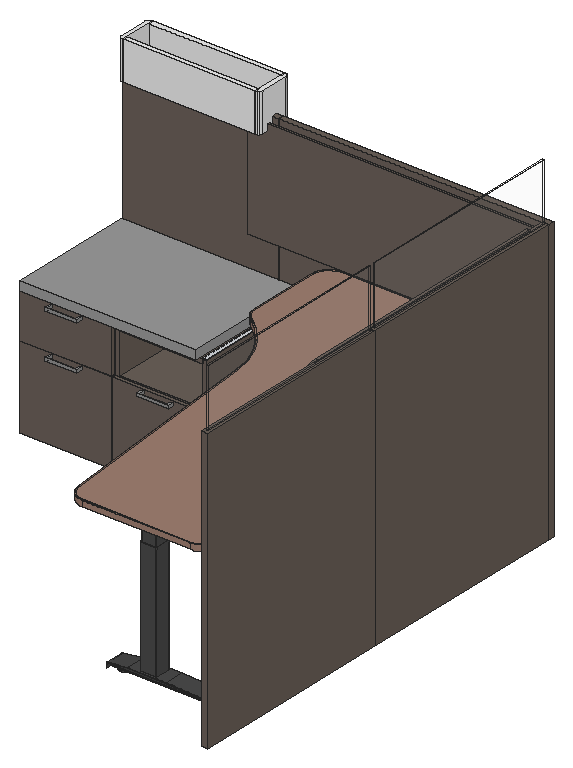
Revit family "OFS TYPICAL S200080", category Furniture, Revit 2022 (continued)
Definition of nested family "STAKS LOW HEIGHT PEDESTAL - BOX-FILE - NO RISER SUPPORT"
  Automatic sketch dimensions
    Extrusion 4 sketch curve to plane 17 = 0' - 0"
    plane 27 to Extrusion 4 sketch curve = 0' - 0"
    plane 13 to Extrusion 5 sketch curve = 0' - 0"  (x2)
    Extrusion 5 sketch curve to plane 20 = 0' - 0"
    Extrusion 5 sketch curve to plane 21 = 0' - 0"
    Extrusion 5 sketch curve to plane 23 = 0' - 0"
    Extrusion 5 sketch curve to plane 22 = 0' - 0"
    plane 25 to Extrusion 5 sketch curve = 0' - 0"
    plane 24 to Extrusion 5 sketch curve = 0' - 0"
    plane 13 to Extrusion 6 sketch curve = 0' - 0"  (x2)
    Extrusion 6 sketch curve to plane 20 = 0' - 0"
    Extrusion 6 sketch curve to plane 21 = 0' - 0"
    Extrusion 6 sketch curve to plane 23 = 0' - 0"
    Extrusion 6 sketch curve to plane 22 = 0' - 0"
    plane 25 to Extrusion 6 sketch curve = 0' - 0"
    plane 24 to Extrusion 6 sketch curve = 0' - 0"
    plane 12 to Extrusion 7 sketch curve = 0' - 0"
    Extrusion 7 sketch curve to plane 18 = 0' - 0"
    plane 17 to Extrusion 7 sketch curve = 0' - 0"
    Extrusion 8 sketch curve to plane 10 = 0' - 0"
    Extrusion 8 sketch curve to plane 16 = 0' - 0"
    Extrusion 8 sketch curve to plane 3 = 0' - 0"
    Extrusion 8 sketch curve to plane 19 = 0' - 0"
    plane 14 to Extrusion 9 sketch curve = 0' - 0 11/16"
    Extrusion 9 sketch curve to plane 6 = 0' - 0"
    plane 6 to Extrusion 9 sketch curve = 0' - 0 3/4"
    Extrusion 9 sketch curve to plane 19 = 0' - 0"
    Extrusion 10 sketch curve to plane 14 = 0' - 0"
    Extrusion 10 sketch curve to plane 15 = 0' - 0"
    Extrusion 10 sketch curve to plane 13 = 0' - 0 3/4"  (x2)
    Extrusion 10 sketch curve to plane 19 = 0' - 0"
    plane 17 to Extrusion 10 sketch curve = 0' - 0"  (x2)
    plane 4 to Extrusion 2 sketch curve = 0' - 7 1/2"
    Extrusion 10 sketch curve to plane 16 = 0' - 0"
Definition of nested family "OFS STAKS HEIGHT ADJUSTABLE WING TOP Left"
  Parameters (values of type "HA Wing Top Left 70x36")
    Worksurface Finish = none
    URL = "https://ofs.com/"
    Model = "6-7036HALWT"
    Manufacturer = "OFS"
    Height = 2' - 4 7/8"
    Glides Finish = none
    Edge Finish = none
    Description = "OFS STAKS HEIGHT ADJUSTABLE WING TOP 70\" Wide, 36\" Depth, Electronic height adjustable (27.5\"- 48\")"
    Default Elevation = 0' - 0"
    Copyright © = "©OFS 2021"
    Catalog = "https://ofs.com/products/casegoods/private-office/staks"
    Base Finish = none
    Authoring Version = "Autodesk Revit Architecture 2015"
    2 = Height - 0' 1"  # 2' - 3 7/8"
  Reference planes (in)
    plane 1 "Center Front/Back": y = 0
    plane 2: z = 0
    plane 3 "Center Left/Right": x = 0
    plane 4: z = 28.875
    plane 5: z = 27.875
  Forms (in)
    Extrusion 1, solid, material <- "Worksurface Finish"
      sketch origin (0, 0, 0) x (1, 0, 0) y (0, 1, 0)
        loop
          line (31.72879, 15.37514) -> (-32.27121, 15.37514)
          arc (-32.27121, 15.37514) -> (-34.30414, 14.53308) -> (-35.14621, 12.50014) r 2.875
          line (-35.14621, 12.50014) -> (-35.14621, -17.49986)
          arc (-35.14621, -17.49986) -> (-34.30414, -19.53279) -> (-32.27121, -20.37486) r 2.875
          line (-32.27121, -20.37486) -> (-20.11798, -20.37486)
          arc (-20.11798, -20.37486) -> (-18.75574, -20.03164) -> (-17.71875, -19.08393) r 2.875
          arc (-17.71875, -19.08393) -> (-12.51699, -14.11751) -> (-5.67287, -11.90806) r 16.11789
          line (-5.67287, -11.90806) -> (31.97937, -8.61391)
          arc (31.97937, -8.61391) -> (33.84847, -7.69218) -> (34.60379, -5.74986) r 2.875
          line (34.60379, -5.74986) -> (34.60379, 12.50014)
          arc (34.60379, 12.50014) -> (33.76173, 14.53308) -> (31.72879, 15.37514) r 2.875
      from 27.875 to 28.875
    Sweep 2, solid, material <- "Edge Finish"
      path in 3D
        loop
          arc (31.97937, -8.61391, 28.875) -> (33.84847, -7.69218, 28.875) -> (34.60379, -5.74986, 28.875) r 2.875
          line (34.60379, -5.74986, 28.875) -> (34.60379, 12.50014, 28.875)
          arc (34.60379, 12.50014, 28.875) -> (33.76173, 14.53308, 28.875) -> (31.72879, 15.37514, 28.875) r 2.875
          line (31.72879, 15.37514, 28.875) -> (-32.27121, 15.37514, 28.875)
          arc (-32.27121, 15.37514, 28.875) -> (-34.30414, 14.53308, 28.875) -> (-35.14621, 12.50014, 28.875) r 2.875
          line (-35.14621, 12.50014, 28.875) -> (-35.14621, -17.49986, 28.875)
          arc (-35.14621, -17.49986, 28.875) -> (-34.30414, -19.53279, 28.875) -> (-32.27121, -20.37486, 28.875) r 2.875
          line (-32.27121, -20.37486, 28.875) -> (-20.11798, -20.37486, 28.875)
          arc (-20.11798, -20.37486, 28.875) -> (-18.75574, -20.03164, 28.875) -> (-17.71875, -19.08393, 28.875) r 2.875
          arc (-17.71875, -19.08393, 28.875) -> (-12.51699, -14.11751, 28.875) -> (-5.67287, -11.90806, 28.875) r 16.11789
          line (-5.67287, -11.90806, 28.875) -> (31.97937, -8.61391, 28.875)
      profile origin (13.15325, -10.26099, 28.875) x (-0.087156, 0.996195, 0) y (0, 0, 1)
        loop
          line (0, 0) -> (-0.125, 0) -> (-0.125, -1) -> (0, -1) -> (0, 0)
  Lines and regions (in)
    sketch lines
      curve 1: line (-5.67287, -11.90806, 28.875) -> (31.97937, -8.61391, 28.875)
      curve 2: arc (-5.67287, -11.90806, 28.875) -> (-12.51699, -14.11751, 28.875) -> (-17.71875, -19.08393, 28.875) r 16.11789
      curve 3: arc (-17.71875, -19.08393, 28.875) -> (-18.75574, -20.03164, 28.875) -> (-20.11798, -20.37486, 28.875) r 2.875
      curve 4: line (-32.27121, -20.37486, 28.875) -> (-20.11798, -20.37486, 28.875)
      curve 5: arc (-32.27121, -20.37486, 28.875) -> (-34.30414, -19.53279, 28.875) -> (-35.14621, -17.49986, 28.875) r 2.875
      curve 6: line (-35.14621, 12.50014, 28.875) -> (-35.14621, -17.49986, 28.875)
      curve 7: arc (-35.14621, 12.50014, 28.875) -> (-34.30414, 14.53308, 28.875) -> (-32.27121, 15.37514, 28.875) r 2.875
      curve 8: line (31.72879, 15.37514, 28.875) -> (-32.27121, 15.37514, 28.875)
      curve 9: arc (31.72879, 15.37514, 28.875) -> (33.76173, 14.53308, 28.875) -> (34.60379, 12.50014, 28.875) r 2.875
      curve 10: line (34.60379, -5.74986, 28.875) -> (34.60379, 12.50014, 28.875)
      curve 11: arc (34.60379, -5.74986, 28.875) -> (33.84847, -7.69218, 28.875) -> (31.97937, -8.61391, 28.875) r 2.875
  Dimensions and locks (in)
    "Height": plane 4 to level
    locked: plane 4 to plane 5 at 1
    aligned and locked: level to plane 2
    aligned and locked: plane 4 to Extrusion 1
    aligned and locked: Extrusion 1 to plane 5
  Automatic sketch dimensions
    Extrusion 1 sketch curve to plane 3 "Center Left/Right" = 2' - 11.14621"
    Extrusion 1 sketch curve to Extrusion 1 sketch curve = 0' - 2 7/8"  (x3)
    Extrusion 1 sketch curve to Extrusion 1 sketch curve = 1' - 0.15322"
    Extrusion 1 sketch curve to plane 3 "Center Left/Right" = 0' - 5.67287"
    Extrusion 1 sketch curve to plane 3 "Center Left/Right" = 0' - 4.2681"
    Extrusion 1 sketch curve to plane 1 "Center Front/Back" = 1' - 0.50014"
    plane 3 "Center Left/Right" to Extrusion 1 sketch curve = 2' - 7.72879"
    plane 1 "Center Front/Back" to Extrusion 1 sketch curve = 0' - 5.74986"
    Extrusion 1 sketch curve to Extrusion 1 sketch curve = 0' - 0"
    plane 1 "Center Front/Back" to Extrusion 1 sketch curve = 0' - 8.61391"
    Extrusion 1 sketch curve to Extrusion 1 sketch curve = 0' - 0.25057"
    plane 1 "Center Front/Back" to Extrusion 1 sketch curve = 0' - 11.90806"
    plane 1 "Center Front/Back" to Extrusion 1 sketch curve = 1' - 5.49986"
    Extrusion 1 sketch curve to Extrusion 1 sketch curve = 1' - 4.05656"
    profile plane to Sweep 2 sketch curve = 0' - 0"
    Sweep 2 sketch curve to profile plane = 0' - 0"
    Sweep 2 sketch curve to Sweep 2 sketch curve = 0' - 0 1/8"
    Sweep 2 sketch curve to profile plane = 0' - 1"
  Nested families (in)
    nested 1: "OFS RANGE HEIGHT ADJUSTABLE FRAME KIT" at (0, 27, 0), Height <- "2", Structure Material <- "Base Finish", Casters Material <- "Glides Finish", type "HEIGHT ADJUSTABLE FRAME KIT 72W x 30D"
      with Structure Material none, Height 2' - 3 7/8", Casters Material none
    nested 2: "OFS RANGE HEIGHT ADJUSTABLE FRAME KIT" at (0, 27, 0) x (-1, 0, 0) z (0, 0, 1), Height <- "2", Structure Material <- "Base Finish", Casters Material <- "Glides Finish", type "HEIGHT ADJUSTABLE FRAME KIT 72W x 24D"
      with Structure Material none, Height 2' - 3 7/8", Casters Material none
  Definition of nested family "OFS RANGE HEIGHT ADJUSTABLE FRAME KIT"
    Parameters (values of type "HEIGHT ADJUSTABLE FRAME KIT 72W x 30D")
      LF = 1' - 1"
      Foot Offset = 0' - 1 1/2"
      Default Elevation = 0' - 0"
      Casters Material [instance] = none
      Width = 5' - 0"
      URL = "http://www.ofs.com/"
      Model = "HB-7230FSE"
      Manufacturer = "CAROLINA"
      Height [instance] = 2' - 3 7/8"
      Structure Material [instance] = none
      Description = "OFS CAROLINA RANGE HEIGHT ADJUSTABLE FRAME KIT, 72\" Frame Kit, Use with 30\"D Worksurface"
      Depth = 2' - 2"
      Copyright © = "©OFS 2019"
      Catalog = "https://ofs.com/products/open-plan/benching/range"
      Caster Wheels = no
      Caster Feet = yes
      Authoring Version = "Autodesk Revit Architecture 2015"
      Assembly Code = "E2020200"
    Types (2): name | LF | Model | Description | Depth
      HEIGHT ADJUSTABLE FRAME KIT 72W x 30D | 1' - 1" | "HB-7230FSE" | "OFS CAROLINA RANGE HEIGHT ADJUSTABLE FRAME KIT, 72\" Frame Kit, Use with 30\"D Worksurface" | 2' - 2"
      HEIGHT ADJUSTABLE FRAME KIT 72W x 24D | 0' - 7" | "HB-7224FSE" | "OFS CAROLINA RANGE HEIGHT ADJUSTABLE FRAME KIT, 72\" Frame Kit, Use with 24\"D Worksurface" | 1' - 8"
    Reference planes (in)
      plane 1: z = 0
      plane 2 "Center Left/Right": x = 0
      plane 3 "Front": y = -34.875
      plane 4 "Left": x = -30
      plane 5 "Right": x = 30
      plane 6: z = 27.875
      plane 7: z = 19.75
      plane 8: z = 17
      plane 9: z = 21.25
      plane 10: x = -28
      plane 11: x = 28
      plane 12: x = -25.25
      plane 13: x = 25.25
      plane 14: y = -28.37561
      plane 15: y = -25.62561
      plane 16: z = 0.375
      plane 17: x = -28.875
      plane 18: x = 28.875
      plane 19: y = -19.125
      plane 20: z = 26.75
      plane 21: y = -23.93811
      plane 22: y = -25.12561
      plane 23: y = -30.06311
      plane 24: y = -28.87561
      plane 25: x = -9
      plane 26: x = 9
      plane 27: z = 25.5
      plane 28: z = 26
      plane 29: z = 1.5
      plane 30: y = -27
      plane 31: y = -14
      plane 32: y = -40
      plane 33: y = -38
      plane 34: y = -16
      plane 35: x = -28.25
      plane 36: x = -25
      plane 37: x = 28.25
      plane 38: x = 25
      plane 39: x = -27.5
      plane 40: x = -27
      plane 41: x = -26.25
      plane 42: x = -25.75
      plane 43: x = 27.5
      plane 44: x = 27
      plane 45: x = 26.25
      plane 46: x = 25.75
    Forms (in)
      Extrusion 1, solid, material <- "Structure Material"
        sketch origin (0, 0, 0) x (1, 0, 0) y (0, 1, 0)
          loop
            arc (-25.375, -28.37561) -> (-25.28661, -28.339) -> (-25.25, -28.25061) r 0.125
            line (-25.25, -28.25061) -> (-25.25, -25.75061)
            arc (-25.25, -25.75061) -> (-25.28661, -25.66222) -> (-25.375, -25.62561) r 0.125
            line (-25.375, -25.62561) -> (-27.875, -25.62561)
            arc (-27.875, -25.62561) -> (-27.96339, -25.66222) -> (-28, -25.75061) r 0.125
            line (-28, -25.75061) -> (-28, -28.25061)
            arc (-28, -28.25061) -> (-27.96339, -28.339) -> (-27.875, -28.37561) r 0.125
            line (-27.875, -28.37561) -> (-25.375, -28.37561)
        from 1.5 to 21.25
      Extrusion 2, solid, material <- "Structure Material"
        sketch origin (0, 10.875, 0) x (1, 0, 0) y (0, 0, 1)
          loop
            arc (-29.875, 27.875) -> (-29.96339, 27.83839) -> (-30, 27.75) r 0.125
            line (-30, 27.75) -> (-30, 26.875)
            arc (-30, 26.875) -> (-29.96339, 26.78661) -> (-29.875, 26.75) r 0.125
            line (-29.875, 26.75) -> (-29, 26.75)
            arc (-29, 26.75) -> (-28.91161, 26.78661) -> (-28.875, 26.875) r 0.125
            line (-28.875, 26.875) -> (-28.875, 27.75)
            arc (-28.875, 27.75) -> (-28.91161, 27.83839) -> (-29, 27.875) r 0.125
            line (-29, 27.875) -> (-29.875, 27.875)
        from 30 to 45.75
      Extrusion 3, solid, material <- "Structure Material"
        sketch origin (0, 0, 0) x (0, 1, 0) y (0, 0, 1)
          loop
            line (-24.06311, 27.875) -> (-25.00061, 27.875)
            arc (-25.00061, 27.875) -> (-25.089, 27.83839) -> (-25.12561, 27.75) r 0.125
            line (-25.12561, 27.75) -> (-25.12561, 26.875)
            arc (-25.12561, 26.875) -> (-25.089, 26.78661) -> (-25.00061, 26.75) r 0.125
            line (-25.00061, 26.75) -> (-24.06311, 26.75)
            arc (-24.06311, 26.75) -> (-23.97472, 26.78661) -> (-23.93811, 26.875) r 0.125
            line (-23.93811, 26.875) -> (-23.93811, 27.75)
            arc (-23.93811, 27.75) -> (-23.97472, 27.83839) -> (-24.06311, 27.875) r 0.125
          loop
            arc (-29.93811, 27.875) -> (-30.0265, 27.83839) -> (-30.06311, 27.75) r 0.125
            line (-30.06311, 27.75) -> (-30.06311, 26.875)
            arc (-30.06311, 26.875) -> (-30.0265, 26.78661) -> (-29.93811, 26.75) r 0.125
            line (-29.93811, 26.75) -> (-29.00061, 26.75)
            arc (-29.00061, 26.75) -> (-28.91222, 26.78661) -> (-28.87561, 26.875) r 0.125
            line (-28.87561, 26.875) -> (-28.87561, 27.75)
            arc (-28.87561, 27.75) -> (-28.91222, 27.83839) -> (-29.00061, 27.875) r 0.125
            line (-29.00061, 27.875) -> (-29.93811, 27.875)
        from -28.875 to -9
      Extrusion 4, solid, material <- "Structure Material"
        sketch origin (0, 0, 0) x (0, 1, 0) y (0, 0, 1)
          loop
            line (-24.06311, 27.75) -> (-25.00061, 27.75) -> (-25.00061, 26.875) -> (-24.06311, 26.875) -> (-24.06311, 27.75)
          loop
            line (-29.00061, 27.75) -> (-29.93811, 27.75) -> (-29.93811, 26.875) -> (-29.00061, 26.875) -> (-29.00061, 27.75)
        from -9 to 0
      Extrusion 5, solid, material <- "Structure Material"
        sketch origin (0, 0, 0) x (1, 0, 0) y (0, 1, 0)
          loop
            line (-28.5, -28.62561) -> (-24.75, -28.62561) -> (-24.75, -25.37561) -> (-28.5, -25.37561) -> (-28.5, -28.62561)
        from 25.5 to 26
      Extrusion 6, solid, material <- "Structure Material"
        sketch origin (0, 0, 0) x (1, 0, 0) y (0, 1, 0)
          loop
            line (-27.75, -28.25061) -> (-25.5, -28.25061)
            arc (-25.5, -28.25061) -> (-25.41161, -28.214) -> (-25.375, -28.12561) r 0.125
            line (-25.375, -28.12561) -> (-25.375, -25.87561)
            arc (-25.375, -25.87561) -> (-25.41161, -25.78722) -> (-25.5, -25.75061) r 0.125
            line (-25.5, -25.75061) -> (-27.75, -25.75061)
            arc (-27.75, -25.75061) -> (-27.83839, -25.78722) -> (-27.875, -25.87561) r 0.125
            line (-27.875, -25.87561) -> (-27.875, -28.12561)
            arc (-27.875, -28.12561) -> (-27.83839, -28.214) -> (-27.75, -28.25061) r 0.125
        from 21.25 to 25.5
      Blend 7, solid, material <- "Structure Material"
        base sketch origin (0, 0, 0) x (1, 0, 0) y (0, 1, 0)
          loop
            arc (-20.71653, -28.87561) -> (-20.15432, -27.00061) -> (-20.71653, -25.12561) r 3.40773
            line (-20.71653, -25.12561) -> (-28.875, -25.12561) -> (-28.875, -28.87561) -> (-20.71653, -28.87561)
        top sketch origin (0, 0, 0) x (1, 0, 0) y (0, 1, 0)
          loop
            line (-20.71653, -28.87561) -> (-20.71653, -25.12561) -> (-28.875, -25.12561) -> (-28.875, -28.87561) -> (-20.71653, -28.87561)
        from 27.875 to 26
      Revolve 8, solid, material <- "Casters Material", visible <- "Caster Feet"
        sketch origin (0, -38, 0) x (1, 0, 0) y (0, 0, -1)
          loop
            line (-27.63403, -0.03937) -> (-27.63403, -0.19569) -> (-27.45473, -0.375) -> (-26.625, -0.375) -> (-26.625, -0.03937) -> (-27.63403, -0.03937)
          axis (-26.625, -0.375) -> (-26.625, -0.03937)
        angle from 0 to 360
      Revolve 9, solid, material <- "Casters Material", visible <- "Caster Feet"
        sketch origin (0, -16, 0) x (1, 0, 0) y (0, 0, -1)
          loop
            line (-27.63403, -0.03937) -> (-27.63403, -0.19569) -> (-27.45473, -0.375) -> (-26.625, -0.375) -> (-26.625, -0.03937) -> (-27.63403, -0.03937)
          axis (-26.625, -0.375) -> (-26.625, -0.03937)
        angle from 0 to 360
      Extrusion 10, solid, material <- "Structure Material"
        sketch origin (0, 0, 0) x (0, 1, 0) y (0, 0, 1)
          loop
            arc (-14.0836, 0.96191) -> (-14.14063, 1.07679) -> (-14.25816, 1.12814) r 0.1875
            line (-14.25816, 1.12814) -> (-23.66872, 1.5) -> (-30.26719, 1.5) -> (-39.7031, 1.1374)
            arc (-39.7031, 1.1374) -> (-39.82194, 1.08917) -> (-39.88198, 0.97583) r 0.1875
            line (-39.88198, 0.97583) -> (-39.98518, 0.23299) -> (-39.8487, 0.21403) -> (-39.73934, 1.00117) -> (-30.34615, 1.3622) -> (-23.67305, 1.3622) -> (-14.22518, 0.988) -> (-14.13694, 0.20125) -> (-14, 0.21661) -> (-14.0836, 0.96191)
        from -28.25 to -25
      Extrusion 11, void
        sketch origin (0, 0, 0) x (0, 1, 0) y (0, 0, 1)
          loop
            line (-14.13866, 0.21661) -> (-13.82098, 0.21661) -> (-13.82098, 2.21661) -> (-40.82098, 2.21661) -> (-40.82098, 0.21661) -> (-39.84834, 0.21661) -> (-39.73934, 1.00117) -> (-30.34615, 1.3622) -> (-23.67305, 1.3622) -> (-14.22518, 0.988) -> (-14.13866, 0.21661)
        from -28.25 to -25
      Extrusion 12, solid, material <- "Structure Material"
        sketch origin (0, 10.875, 0) x (1, 0, 0) y (0, 0, 1)
          loop
            line (-28, 1.5) -> (-27.76676, 0.56452)
            arc (-27.76676, 0.56452) -> (-27.6781, 0.428) -> (-27.52418, 0.375) r 0.25
            line (-27.52418, 0.375) -> (-25.72582, 0.375)
            arc (-25.72582, 0.375) -> (-25.5719, 0.428) -> (-25.48324, 0.56452) r 0.25
            line (-25.48324, 0.56452) -> (-25.25, 1.5) -> (-28, 1.5)
        from 24.875 to 50.875
      Extrusion 13, solid, material <- "Casters Material", visible <- "Caster Wheels", not visible
        sketch origin (-27.5, 7.14774, 0) x (0, 1, 0) y (0, 0, 1)
          loop
            circle (-48.66372, 0.97) r 0.97
        from 0 to 0.5
      Extrusion 14, solid, material <- "Casters Material", visible <- "Caster Wheels", not visible
        sketch origin (-27.5, 7.14774, 0) x (0, 1, 0) y (0, 0, 1)
          loop
            line (-46.92293, 0.6986) -> (-47.23636, 1.04166) -> (-47.55773, 1.17275)
            arc (-47.55773, 1.17275) -> (-47.54546, 1.08752) -> (-47.53975, 1.00161) r 1.12442
            line (-47.53975, 1.00161) -> (-47.49411, 0.98263) -> (-47.51747, 0.9041)
            arc (-47.51747, 0.9041) -> (-47.51453, 0.86988) -> (-47.48904, 0.84686) r 0.04688
            line (-47.48904, 0.84686) -> (-46.95776, 0.64714)
            arc (-46.95776, 0.64714) -> (-46.92006, 0.65914) -> (-46.92293, 0.6986) r 0.03195
        from 0.5 to 1.25
      Extrusion 15, solid, material <- "Casters Material", visible <- "Caster Wheels", not visible
        sketch origin (-25.75, 7.14774, 0) x (0, 1, 0) y (0, 0, -1)
          loop
            line (-47.58433, -0.655) -> (-47.64637, -0.655)
            arc (-47.64637, -0.655) -> (-48.66372, -2.035) -> (-49.68107, -0.655) r 1.065
            line (-49.68107, -0.655) -> (-49.74311, -0.655)
            arc (-49.74311, -0.655) -> (-48.66372, -2.09442) -> (-47.58433, -0.655) r 1.12442
        from 0 to 1.75
      Extrusion 16, solid, material <- "Casters Material", visible <- "Caster Wheels", not visible
        sketch origin (-31.66599, -21.32731, 0) x (1, 0, 0) y (0, 1, 0)
          loop
            circle (5.04099, -20.81491) r 0.3125
        from 0.97 to 2.94056
      Extrusion 17, solid, material <- "Casters Material", visible <- "Caster Wheels", not visible
        sketch origin (-25.75, 7.14774, 0) x (0, 1, 0) y (0, 0, -1)
          loop
            circle (-48.66372, -0.97) r 0.97
        from 0 to 0.5
      Extrusion 18, solid, material <- "Casters Material", visible <- "Caster Wheels"
        sketch origin (-27.5625, 11.28997, 0) x (0, 1, 0) y (0, 0, 1)
          loop
            circle (-48.66372, 0.97) r 0.97
        from 0 to 0.5
      Extrusion 19, solid, material <- "Casters Material", visible <- "Caster Wheels"
        sketch origin (-27.5625, 11.28997, 0) x (0, 1, 0) y (0, 0, 1)
          loop
            line (-46.92293, 0.6986) -> (-47.23636, 1.04166) -> (-47.55773, 1.17275)
            arc (-47.55773, 1.17275) -> (-47.54546, 1.08752) -> (-47.53975, 1.00161) r 1.12442
            line (-47.53975, 1.00161) -> (-47.49411, 0.98263) -> (-47.51747, 0.9041)
            arc (-47.51747, 0.9041) -> (-47.51453, 0.86988) -> (-47.48904, 0.84686) r 0.04688
            line (-47.48904, 0.84686) -> (-46.95776, 0.64714)
            arc (-46.95776, 0.64714) -> (-46.92006, 0.65914) -> (-46.92293, 0.6986) r 0.03195
        from 0.5 to 1.25
      Extrusion 20, solid, material <- "Casters Material", visible <- "Caster Wheels"
        sketch origin (-25.8125, 11.28997, 0) x (0, 1, 0) y (0, 0, -1)
          loop
            line (-47.58433, -0.655) -> (-47.64637, -0.655)
            arc (-47.64637, -0.655) -> (-48.66372, -2.035) -> (-49.68107, -0.655) r 1.065
            line (-49.68107, -0.655) -> (-49.74311, -0.655)
            arc (-49.74311, -0.655) -> (-48.66372, -2.09442) -> (-47.58433, -0.655) r 1.12442
        from 0 to 1.75
      Extrusion 21, solid, material <- "Casters Material", visible <- "Caster Wheels"
        sketch origin (-31.72849, -17.18509, 0) x (1, 0, 0) y (0, 1, 0)
          loop
            circle (5.04099, -20.81491) r 0.3125
        from 0.97 to 2.94056
      Extrusion 22, solid, material <- "Casters Material", visible <- "Caster Wheels"
        sketch origin (-25.8125, 11.28997, 0) x (0, 1, 0) y (0, 0, -1)
          loop
            circle (-48.66372, -0.97) r 0.97
        from 0 to 0.5
      Extrusion 23, solid, material <- "Casters Material", visible <- "Caster Wheels"
        sketch origin (-25.8125, -32.03997, 0) x (0, -1, 0) y (0, 0, 1)
          loop
            circle (-16.66622, 0.97) r 0.97
        from 0 to 0.5
      Extrusion 24, solid, material <- "Casters Material", visible <- "Caster Wheels"
        sketch origin (-25.8125, -32.03997, 0) x (0, -1, 0) y (0, 0, 1)
          loop
            arc (-18.40701, 0.6986) -> (-18.40988, 0.65914) -> (-18.37218, 0.64714) r 0.03195
            line (-18.37218, 0.64714) -> (-17.8409, 0.84686)
            arc (-17.8409, 0.84686) -> (-17.81541, 0.86988) -> (-17.81247, 0.9041) r 0.04688
            line (-17.81247, 0.9041) -> (-17.83583, 0.98263) -> (-17.79019, 1.00161)
            arc (-17.79019, 1.00161) -> (-17.78448, 1.08752) -> (-17.77221, 1.17275) r 1.12442
            line (-17.77221, 1.17275) -> (-18.09358, 1.04166) -> (-18.40701, 0.6986)
        from 0.5 to 1.25
      Extrusion 25, solid, material <- "Casters Material", visible <- "Caster Wheels"
        sketch origin (-27.5625, -32.03997, 0) x (0, -1, 0) y (0, 0, -1)
          loop
            arc (-17.74561, -0.655) -> (-16.66622, -2.09442) -> (-15.58683, -0.655) r 1.12442
            line (-15.58683, -0.655) -> (-15.64887, -0.655)
            arc (-15.64887, -0.655) -> (-16.66622, -2.035) -> (-17.68357, -0.655) r 1.065
            line (-17.68357, -0.655) -> (-17.74561, -0.655)
        from 0 to 1.75
      Extrusion 26, solid, material <- "Casters Material", visible <- "Caster Wheels"
        sketch origin (-21.64651, -3.56491, 0) x (-1, 0, 0) y (0, -1, 0)
          loop
            circle (5.04099, 12.43509) r 0.3125
        from 0.97 to 2.94056
      Extrusion 27, solid, material <- "Casters Material", visible <- "Caster Wheels"
        sketch origin (-27.5625, -32.03997, 0) x (0, -1, 0) y (0, 0, -1)
          loop
            circle (-16.66622, -0.97) r 0.97
        from 0 to 0.5
    Cuts and joins
      Extrusion 11 cuts Extrusion 12
    Dimensions and locks (in)
      equal spacing: plane 4 "Left", plane 2 "Center Left/Right", plane 5 "Right"
      "Width": plane 4 "Left" to plane 5 "Right"
      "Height": plane 6 to level
      plane 9 to plane 7 to plane 8 to level = 0' - 1 1/2" locked, 0' - 2 3/4" locked, 1' - 5" locked
      plane 4 "Left" to plane 10 to plane 12 = 0' - 2" locked, 0' - 2 3/4" locked
      plane 13 to plane 11 to plane 5 "Right" = 0' - 2 3/4" locked, 0' - 2" locked
      locked: plane 4 "Left" to plane 17 at 1.125
      locked: plane 5 "Right" to plane 18 at 1.125
      locked: plane 6 to plane 20 at 1.125
      plane 30 to plane 15 to plane 22 to plane 21 = 0' - 1.37439" locked, 0' - 0 1/2" locked, 0' - 1 3/16" locked
      plane 30 to plane 14 to plane 24 to plane 23 = 0' - 1.37561" locked, 0' - 0 1/2" locked, 0' - 1 3/16" locked
      locked: plane 4 "Left" to plane 25 at 21
      locked: plane 5 "Right" to plane 26 at 21
      plane 6 to plane 28 to plane 27 = 0' - 1 7/8" locked, 0' - 0 1/2" locked
      Blend 7 sketch curve to Blend 7 sketch curve = 0' - 8.72068"
      "Foot Offset": plane 29 to level
      equal spacing: plane 19, plane 30, plane 3 "Front"
      locked: plane 3 "Front" to plane 19 at 15.75
      "LF": plane 30 to plane 32
      "Depth": plane 31 to plane 32
      locked: plane 31 to plane 34 at 2
      locked: plane 33 to plane 32 at 2
      locked: plane 29 to plane 16 at 1.125
      locked: plane 12 to plane 36 at 0.25
      locked: plane 35 to plane 10 at 0.25
      locked: plane 13 to plane 38 at 0.25
      locked: plane 37 to plane 11 at 0.25
      plane 4 "Left" to plane 39 to plane 40 to plane 41 to plane 42 = 0' - 2 1/2" locked, 0' - 0 1/2" locked, 0' - 0 3/4" locked, 0' - 0 1/2" locked
      plane 5 "Right" to plane 43 to plane 44 to plane 45 to plane 46 = 0' - 2 1/2" locked, 0' - 0 1/2" locked, 0' - 0 3/4" locked, 0' - 0 1/2" locked
      aligned and locked: level to plane 1
      aligned and locked: Extrusion 1 sketch curve to plane 14
      aligned and locked: Extrusion 1 sketch curve to plane 12
      aligned and locked: plane 15 to Extrusion 1 sketch curve
      aligned and locked: plane 10 to Extrusion 1 sketch curve
      aligned and locked: Extrusion 2 sketch curve to plane 6
      aligned and locked: plane 4 "Left" to Extrusion 2 sketch curve
      aligned and locked: Extrusion 2 sketch curve to plane 17
      aligned and locked: plane 3 "Front" to Extrusion 2
      aligned and locked: Extrusion 2 to plane 19
      aligned and locked: plane 6 to Extrusion 3 sketch curve
      aligned and locked: Extrusion 3 sketch curve to plane 21
      aligned and locked: Extrusion 3 sketch curve to plane 20
      aligned and locked: plane 22 to Extrusion 3 sketch curve
      aligned and locked: Extrusion 3 sketch curve to plane 6
      aligned and locked: plane 23 to Extrusion 3 sketch curve
      aligned and locked: plane 20 to Extrusion 3 sketch curve
      aligned and locked: Extrusion 3 sketch curve to plane 24
      aligned and locked: Extrusion 3 to plane 17
      aligned and locked: plane 25 to Extrusion 3
      aligned and locked: Extrusion 4 to plane 25
      aligned and locked: plane 9 to Extrusion 1
      aligned and locked: plane 27 to Extrusion 5
      aligned and locked: plane 28 to Extrusion 5
      aligned and locked: Extrusion 6 to plane 9
      aligned and locked: plane 27 to Extrusion 6
      aligned and locked: plane 24 to Blend 7 sketch curve  (x2)
      aligned and locked: Blend 7 sketch curve to plane 22  (x2)
      aligned and locked: plane 17 to Blend 7 sketch curve
      aligned and locked: Blend 7 sketch curve to plane 17
      aligned and locked: Blend 7 to plane 28
      aligned and locked: plane 6 to Blend 7
      aligned and locked: Extrusion 1 to plane 29
      aligned and locked: plane 33 to Revolve 8
      aligned and locked: plane 34 to Revolve 9
      aligned and locked: Extrusion 10 to plane 35
      aligned and locked: plane 36 to Extrusion 10
      aligned and locked: Extrusion 11 to plane 35
      aligned and locked: plane 36 to Extrusion 11
      aligned and locked: Extrusion 12 sketch curve to plane 16
      aligned and locked: plane 31 to Extrusion 12
      aligned and locked: Extrusion 12 to plane 32
      aligned and locked: plane 33 to Extrusion 21
      aligned and locked: plane 40 to Extrusion 21
      aligned and locked: plane 34 to Extrusion 26
      aligned and locked: plane 40 to Extrusion 26
      aligned and locked: plane 2 "Center Left/Right" to Extrusion 4
    Automatic sketch dimensions
      plane 10 to Extrusion 1 sketch curve = 0' - 0 1/8"  (x2)
      Extrusion 1 sketch curve to Extrusion 1 sketch curve = 0' - 0 1/8"  (x2)
      plane 23 to Extrusion 3 sketch curve = 0' - 0 1/8"
      Extrusion 3 sketch curve to Extrusion 3 sketch curve = 0' - 0 1/8"  (x3)
      Extrusion 3 sketch curve to plane 24 = 0' - 0 1/8"
      plane 20 to Extrusion 3 sketch curve = 0' - 0 1/8"
      Extrusion 3 sketch curve to plane 22 = 0' - 0 1/8"
      plane 21 to Extrusion 3 sketch curve = 0' - 0 1/8"
      plane 10 to Extrusion 6 sketch curve = 0' - 0 1/8"
      Extrusion 6 sketch curve to Extrusion 6 sketch curve = 0' - 0 1/8"  (x2)
      plane 15 to Extrusion 6 sketch curve = 0' - 0 1/8"
      Extrusion 6 sketch curve to plane 12 = 0' - 0 1/4"  (x2)
      Extrusion 6 sketch curve to plane 12 = 0' - 0 1/8"
      Extrusion 6 sketch curve to plane 14 = 0' - 0 1/8"
      Revolve 8 sketch curve to plane 16 = 0' - 0"
      level to Revolve 8 sketch curve = 0' - 0.03937"
      Revolve 8 sketch curve to plane 39 = 0' - 0.13403"
      plane 39 to Revolve 8 sketch curve = 0' - 0.04527"
      plane 40 to Revolve 8 sketch curve = 0' - 0 3/8"
      Revolve 8 sketch curve to Revolve 8 sketch curve = 0' - 0.15632"
      Revolve 8 sketch curve to Revolve 8 sketch curve = 0' - 0"  (x2)
      Revolve 8 sketch curve to level = 0' - 1.46063"
      Revolve 9 sketch curve to plane 16 = 0' - 0"
      level to Revolve 9 sketch curve = 0' - 0.03937"
      Revolve 9 sketch curve to plane 39 = 0' - 0.13403"
      plane 39 to Revolve 9 sketch curve = 0' - 0.04527"
      plane 40 to Revolve 9 sketch curve = 0' - 0 3/8"
      Revolve 9 sketch curve to Revolve 9 sketch curve = 0' - 0.15632"
      Revolve 9 sketch curve to Revolve 9 sketch curve = 0' - 0"  (x2)
      Revolve 9 sketch curve to level = 0' - 1.46063"
      Extrusion 14 sketch curve to Extrusion 14 sketch curve = 0' - 1.10599"
      Extrusion 14 sketch curve to Extrusion 14 sketch curve = 0' - 0.01799"
      Extrusion 14 sketch curve to Extrusion 14 sketch curve = 0' - 0.02227"
      Extrusion 14 sketch curve to Extrusion 14 sketch curve = 0' - 0.04564"
      Extrusion 14 sketch curve to Extrusion 14 sketch curve = 0' - 0.02843"
      Extrusion 14 sketch curve to Extrusion 14 sketch curve = 0' - 0.04493"
      Extrusion 14 sketch curve to Extrusion 14 sketch curve = 0' - 0.25775"
      Extrusion 14 sketch curve to Extrusion 14 sketch curve = 0' - 0.27859"
      Extrusion 14 sketch curve to Extrusion 14 sketch curve = 0' - 0.01124"
      Extrusion 14 sketch curve to Extrusion 14 sketch curve = 0' - 0.02359"
      Extrusion 14 sketch curve to Extrusion 14 sketch curve = 0' - 0.04388"
      Extrusion 14 sketch curve to Extrusion 14 sketch curve = 0' - 0.01898"
      Extrusion 14 sketch curve to Extrusion 14 sketch curve = 0' - 0.05903"
      Extrusion 15 sketch curve to Extrusion 15 sketch curve = 0' - 0"  (x4)
      Extrusion 15 sketch curve to Extrusion 15 sketch curve = 0' - 0.06204"
      Extrusion 14 sketch curve to Extrusion 14 sketch curve = 0' - 0.02991"
      Extrusion 14 sketch curve to Extrusion 14 sketch curve = 0' - 0.19972"
      Extrusion 14 sketch curve to Extrusion 14 sketch curve = 0' - 0.0659"
      Extrusion 14 sketch curve to Extrusion 14 sketch curve = 0' - 0.07852"
      Extrusion 15 sketch curve to Extrusion 15 sketch curve = 0' - 1.01735"  (x2)
      Extrusion 15 sketch curve to Extrusion 15 sketch curve = 0' - 0.315"
      Extrusion 19 sketch curve to Extrusion 19 sketch curve = 0' - 1.10599"
      Extrusion 19 sketch curve to Extrusion 19 sketch curve = 0' - 0.01799"
      Extrusion 19 sketch curve to Extrusion 19 sketch curve = 0' - 0.02227"
      Extrusion 19 sketch curve to Extrusion 19 sketch curve = 0' - 0.04564"
      Extrusion 19 sketch curve to Extrusion 19 sketch curve = 0' - 0.02843"
      Extrusion 19 sketch curve to Extrusion 19 sketch curve = 0' - 0.04493"
      Extrusion 19 sketch curve to Extrusion 19 sketch curve = 0' - 0.25775"
      Extrusion 19 sketch curve to Extrusion 19 sketch curve = 0' - 0.27859"
      Extrusion 19 sketch curve to Extrusion 19 sketch curve = 0' - 0.01124"
      Extrusion 19 sketch curve to Extrusion 19 sketch curve = 0' - 0.02359"
      Extrusion 19 sketch curve to Extrusion 19 sketch curve = 0' - 0.04388"
      Extrusion 19 sketch curve to Extrusion 19 sketch curve = 0' - 0.01898"
      Extrusion 19 sketch curve to Extrusion 19 sketch curve = 0' - 0.05903"
      Extrusion 20 sketch curve to Extrusion 20 sketch curve = 0' - 0"  (x4)
      Extrusion 20 sketch curve to Extrusion 20 sketch curve = 0' - 0.06204"
      Extrusion 19 sketch curve to Extrusion 19 sketch curve = 0' - 0.02991"
      Extrusion 19 sketch curve to Extrusion 19 sketch curve = 0' - 0.19972"
      Extrusion 19 sketch curve to Extrusion 19 sketch curve = 0' - 0.0659"
      Extrusion 19 sketch curve to Extrusion 19 sketch curve = 0' - 0.07852"
      Extrusion 20 sketch curve to Extrusion 20 sketch curve = 0' - 1.01735"  (x2)
      Extrusion 20 sketch curve to Extrusion 20 sketch curve = 0' - 0.315"
      Extrusion 24 sketch curve to Extrusion 24 sketch curve = 0' - 1.10599"
      Extrusion 24 sketch curve to Extrusion 24 sketch curve = 0' - 0.01799"
      Extrusion 24 sketch curve to Extrusion 24 sketch curve = 0' - 0.02227"
      Extrusion 24 sketch curve to Extrusion 24 sketch curve = 0' - 0.04564"
      Extrusion 24 sketch curve to Extrusion 24 sketch curve = 0' - 0.02843"
      Extrusion 24 sketch curve to Extrusion 24 sketch curve = 0' - 0.04493"
      Extrusion 24 sketch curve to Extrusion 24 sketch curve = 0' - 0.25775"
      Extrusion 24 sketch curve to Extrusion 24 sketch curve = 0' - 0.27859"
      Extrusion 24 sketch curve to Extrusion 24 sketch curve = 0' - 0.01124"
      Extrusion 24 sketch curve to Extrusion 24 sketch curve = 0' - 0.02359"
      Extrusion 24 sketch curve to Extrusion 24 sketch curve = 0' - 0.04388"
      Extrusion 24 sketch curve to Extrusion 24 sketch curve = 0' - 0.01898"
      Extrusion 24 sketch curve to Extrusion 24 sketch curve = 0' - 0.05903"
      Extrusion 25 sketch curve to Extrusion 25 sketch curve = 0' - 0"  (x4)
      Extrusion 25 sketch curve to Extrusion 25 sketch curve = 0' - 0.06204"
      Extrusion 24 sketch curve to Extrusion 24 sketch curve = 0' - 0.02991"
      Extrusion 24 sketch curve to Extrusion 24 sketch curve = 0' - 0.19972"
      Extrusion 24 sketch curve to Extrusion 24 sketch curve = 0' - 0.0659"
      Extrusion 24 sketch curve to Extrusion 24 sketch curve = 0' - 0.07852"
      Extrusion 25 sketch curve to Extrusion 25 sketch curve = 0' - 1.01735"  (x2)
      Extrusion 25 sketch curve to Extrusion 25 sketch curve = 0' - 0.315"
      Extrusion 2 sketch curve to plane 20 = 0' - 0"
      plane 4 "Left" to Extrusion 2 sketch curve = 0' - 0 1/8"  (x2)
      Extrusion 2 sketch curve to plane 17 = 0' - 0 1/8"
      Extrusion 2 sketch curve to Extrusion 2 sketch curve = 0' - 0 1/8"
      plane 23 to Extrusion 4 sketch curve = 0' - 0 1/8"
      Extrusion 4 sketch curve to plane 24 = 0' - 0 1/8"
      Extrusion 4 sketch curve to plane 22 = 0' - 0 1/8"
      plane 21 to Extrusion 4 sketch curve = 0' - 0 1/8"
      plane 20 to Extrusion 4 sketch curve = 0' - 0 1/8"  (x2)
      Extrusion 4 sketch curve to plane 6 = 0' - 0 1/8"  (x2)
      Extrusion 5 sketch curve to plane 35 = 0' - 0 1/4"
      plane 36 to Extrusion 5 sketch curve = 0' - 0 1/4"
      plane 14 to Extrusion 5 sketch curve = 0' - 0 1/4"
      Extrusion 5 sketch curve to plane 15 = 0' - 0 1/4"
      Blend 7 sketch curve to plane 30 = 0' - 0.00061"
      plane 36 to Blend 7 sketch curve = 0' - 1.43794"
      plane 36 to Blend 7 sketch curve = 0' - 4.28347"
      Extrusion 10 sketch curve to plane 29 = 0' - 0"
      Extrusion 10 sketch curve to plane 31 = 0' - 0"
      Extrusion 10 sketch curve to plane 31 = 0' - 0.0836"
      Extrusion 10 sketch curve to plane 31 = 0' - 0.13694"
      Extrusion 10 sketch curve to Extrusion 10 sketch curve = 0' - 0.14159"
      Extrusion 10 sketch curve to Extrusion 10 sketch curve = 0' - 0.03297"
      Extrusion 10 sketch curve to Extrusion 10 sketch curve = 0' - 0.04475"
      Extrusion 10 sketch curve to plane 21 = 0' - 0.26938"
      Extrusion 10 sketch curve to Extrusion 10 sketch curve = 0' - 0.00433"
      Extrusion 10 sketch curve to plane 23 = 0' - 0.20408"
      Extrusion 10 sketch curve to plane 29 = 0' - 0.1378"
      Extrusion 10 sketch curve to Extrusion 10 sketch curve = 0' - 0.07896"
      plane 32 to Extrusion 10 sketch curve = 0' - 0.30374"
      Extrusion 10 sketch curve to Extrusion 10 sketch curve = 0' - 0.00684"
      Extrusion 10 sketch curve to Extrusion 10 sketch curve = 0' - 0.04308"
      plane 32 to Extrusion 10 sketch curve = 0' - 0.1513"
      plane 32 to Extrusion 10 sketch curve = 0' - 0.11802"
      plane 32 to Extrusion 10 sketch curve = 0' - 0.01482"
      Extrusion 10 sketch curve to plane 29 = 0' - 0.3626"
      Extrusion 10 sketch curve to plane 29 = 0' - 0.37186"
      Extrusion 10 sketch curve to Extrusion 10 sketch curve = 0' - 0.13624"
      Extrusion 10 sketch curve to Extrusion 10 sketch curve = 0' - 0.14014"
      Extrusion 10 sketch curve to Extrusion 10 sketch curve = 0' - 0.02534"
      Extrusion 10 sketch curve to Extrusion 10 sketch curve = 0' - 0.02609"
      Extrusion 11 sketch curve to plane 32 = 0' - 0.82098"
      plane 32 to Extrusion 11 sketch curve = 0' - 0.15166"
      plane 32 to Extrusion 11 sketch curve = 0' - 0.26066"
      Extrusion 11 sketch curve to plane 29 = 0' - 0.1378"
      Extrusion 11 sketch curve to plane 23 = 0' - 0.28304"
      Extrusion 11 sketch curve to plane 21 = 0' - 0.26505"
      Extrusion 11 sketch curve to plane 31 = 0' - 0.22518"
      Extrusion 11 sketch curve to plane 31 = 0' - 0.13866"
      plane 31 to Extrusion 11 sketch curve = 0' - 0.17902"
      Extrusion 11 sketch curve to plane 29 = 0' - 0.49883"
      Extrusion 11 sketch curve to plane 29 = 0' - 0.512"
      Extrusion 11 sketch curve to plane 16 = 0' - 0.15839"  (x2)
      plane 29 to Extrusion 11 sketch curve = 0' - 0.71661"
      Extrusion 12 sketch curve to plane 10 = 0' - 0"
      Extrusion 12 sketch curve to plane 12 = 0' - 0"
      Extrusion 12 sketch curve to plane 29 = 0' - 0"
      plane 10 to Extrusion 12 sketch curve = 0' - 0.23324"
      Extrusion 12 sketch curve to plane 39 = 0' - 0.02418"
      plane 42 to Extrusion 12 sketch curve = 0' - 0.02418"
      plane 16 to Extrusion 12 sketch curve = 0' - 0.18952"  (x2)
      Extrusion 12 sketch curve to plane 12 = 0' - 0.23324"
      radius of Extrusion 13 sketch curve = 0' - 0.97"
      radius of Extrusion 16 sketch curve = 0' - 0 5/16"
      radius of Extrusion 17 sketch curve = 0' - 0.97"
      radius of Extrusion 18 sketch curve = 0' - 0.97"
      radius of Extrusion 21 sketch curve = 0' - 0 5/16"
      radius of Extrusion 22 sketch curve = 0' - 0.97"
      radius of Extrusion 23 sketch curve = 0' - 0.97"
      radius of Extrusion 26 sketch curve = 0' - 0 5/16"
      radius of Extrusion 27 sketch curve = 0' - 0.97"
Definition of nested family "STAKS CORNER SHELF FOR WALL PANEL"
  Parameters (values of type "STAKS CORNER SHELF FOR WALL PANEL")
    Width = 1' - 9"
    Veneer Material = none
    URL = "http://www.ofs.com/"
    Height Above Floor [instance] = 2' - 5"
    Height = 0' - 0 3/4"
    Edge Material = none
    Model = "6-2108SHLF"
    Manufacturer = "OFS"
    Description = "OFS STAKS CORNER SHELF FOR WALL PANEL"
    Depth = 0' - 8"
    Default Elevation = 0' - 0"
    Copyright © = "© 2018 OFS"
    Catalog = "https://ofs.com/products/casegoods/private-office/staks"
    Authoring Version = "Autodesk Revit Architecture 2013"
    Assembly Code = "E2020200"
    3D Laminate Material = none
  Reference planes (in)
    plane 1 "Center (Front/Back)": y = 0
    plane 2: z = 0
    plane 3 "Center (Left/Right)": x = 0
    plane 4: x = 10.5
    plane 5: x = -10.5
    plane 6: y = 4
    plane 7: y = -4
    plane 8: z = 28.25
    plane 9: z = 29
  Forms (in)
    Extrusion 1, solid, material <- "3D Laminate Material"
      sketch origin (3.56329, 81.33771, 7) x (-1, 0, 0) y (0, -1, 0)
        loop
          line (14.06329, 85.33771) -> (-6.93671, 85.33771) -> (1.06329, 77.33771) -> (6.06329, 77.33771) -> (14.06329, 85.33771)
      from 22 to 21.25
  Dimensions and locks (in)
    equal spacing: plane 5, plane 3 "Center (Left/Right)", plane 4
    "Width": plane 5 to plane 4
    "Depth": plane 6 to plane 7
    equal spacing: plane 7, plane 1 "Center (Front/Back)", plane 6
    "Height": plane 9 to plane 8
    "Height Above Floor": plane 9 to level
    aligned and locked: level to plane 2
    aligned and locked: plane 9 to Extrusion 1
    aligned and locked: Extrusion 1 to plane 8
    aligned and locked: plane 4 to Extrusion 1 sketch curve
    aligned and locked: Extrusion 1 sketch curve to plane 6
  Automatic sketch dimensions
    plane 7 to Extrusion 1 sketch curve = 0' - 0"
    plane 3 "Center (Left/Right)" to Extrusion 1 sketch curve = 0' - 2 1/2"
    Extrusion 1 sketch curve to plane 3 "Center (Left/Right)" = 0' - 2 1/2"
    Extrusion 1 sketch curve to plane 5 = 0' - 0"
Definition of nested family "STAKS FABRIC TACKBOARD WITH ROUNDED CORNERS ONE END AND FLAT CORNERS ON OTHER END"
  Parameters (values of type "STAKS FABRIC TACKBOARD WITH ROUNDED CORNERS ONE END AND FLAT CORNERS ON OTHER END 12H x 27-48.9375W")
    URL = "http://www.ofs.com/"
    Height Above Floor [instance] = 3' - 5 1/2"
    Height = 1' - 0"
    Depth = 0' - 0 1/2"
    Model = "FTF10D"
    Manufacturer = "OFS"
    Description = "OFS STAKS FABRIC TACKBOARD WITH ROUNDED CORNERS ONE END AND FLAT CORNERS ON OTHER END 12\" Height X 27\" - 48.9375\" Width, Any Width in 1/8\" Increments available within Ranges Shown"
    Width = 2' - 3"
    Default Elevation = 0' - 0"
    Copyright © = "© 2018 OFS"
    Catalog = "https://ofs.com/products/casegoods/private-office/staks"
    Authoring Version = "Autodesk Revit Architecture 2013"
    Assembly Code = "E2020200"
  Types (6): name | Height Above Floor | Height | Model | Description | Width
    STAKS FABRIC TACKBOARD WITH ROUNDED CORNERS ONE END AND FLAT CORNERS ON OTHER END 12H x 27-48.9375W | 3' - 5 1/2" | 1' - 0" | "FTF10D" | "OFS STAKS FABRIC TACKBOARD WITH ROUNDED CORNERS ONE END AND FLAT CORNERS ON OTHER END 12\" Height X 27\" - 48.9375\" Width, Any Width in 1/8\" Increments available within Ranges Shown" | 2' - 3"
    STAKS FABRIC TACKBOARD WITH ROUNDED CORNERS ONE END AND FLAT CORNERS ON OTHER END 12H x 74-96W | 3' - 5 1/2" | 1' - 0" | "FTF10F" | "OFS STAKS FABRIC TACKBOARD WITH ROUNDED CORNERS ONE END AND FLAT CORNERS ON OTHER END 12\" Height X 74\" - 96\" Width, Any Width in 1/8\" Increments available within Ranges Shown" | 6' - 2"
    STAKS FABRIC TACKBOARD WITH ROUNDED CORNERS ONE END AND FLAT CORNERS ON OTHER END 12H x 49-73.9375W | 3' - 5 1/2" | 1' - 0" | "FTF10E" | "OFS STAKS FABRIC TACKBOARD WITH ROUNDED CORNERS ONE END AND FLAT CORNERS ON OTHER END 12\" Height X 49\" - 73.9375\" Width, Any Width in 1/8\" Increments available within Ranges Shown" | 4' - 1"
    STAKS FABRIC TACKBOARD WITH ROUNDED CORNERS ONE END AND FLAT CORNERS ON OTHER END 18H x 27-48.9375W | 3' - 11 1/2" | 1' - 6" | "FTF10A" | "OFS STAKS FABRIC TACKBOARD WITH ROUNDED CORNERS ONE END AND FLAT CORNERS ON OTHER END 18\" Height X 27\" - 48.9375\" Width, Any Width in 1/8\" Increments available within Ranges Shown" | 2' - 3"
    STAKS FABRIC TACKBOARD WITH ROUNDED CORNERS ONE END AND FLAT CORNERS ON OTHER END 18H x 49-73.9375W | 3' - 11 1/2" | 1' - 6" | "FTF10B" | "OFS STAKS FABRIC TACKBOARD WITH ROUNDED CORNERS ONE END AND FLAT CORNERS ON OTHER END 18\" Height X 49\" - 73.9375\" Width, Any Width in 1/8\" Increments available within Ranges Shown" | 4' - 1"
    STAKS FABRIC TACKBOARD WITH ROUNDED CORNERS ONE END AND FLAT CORNERS ON OTHER END 18H x 74-96W | 3' - 11 1/2" | 1' - 6" | "FTF10C" | "OFS STAKS FABRIC TACKBOARD WITH ROUNDED CORNERS ONE END AND FLAT CORNERS ON OTHER END 18\" Height X 74\" - 96\" Width, Any Width in 1/8\" Increments available within Ranges Shown" | 6' - 2"
  Reference planes (in)
    plane 1: z = -0.125
    plane 2 "LEFT": x = 7.55498
    plane 3 "RIGHT": x = 34.55498
    plane 4 "BACK": y = -1.83365
    plane 5 "FRONT": y = -2.33365
    plane 6: x = 7.67998
    plane 7: x = 34.42998
    plane 8: y = -1.95865
    plane 9: y = -2.20865
    plane 10: z = 29.375
    plane 11 "SURFACE TOP": z = 41.375
  Forms (in)
    Extrusion 1, solid
      sketch origin (0, 0.50035, 0) x (1, 0, 0) y (0, 0, 1)
        loop
          arc (30.55498, 29.375) -> (33.38341, 30.54657) -> (34.55498, 33.375) r 4
          line (34.55498, 33.375) -> (34.55498, 37.375)
          arc (34.55498, 37.375) -> (33.38341, 40.20343) -> (30.55498, 41.375) r 4
          line (30.55498, 41.375) -> (7.55498, 41.375) -> (7.55498, 29.375) -> (30.55498, 29.375)
      from 2.834 to 2.334
  Dimensions and locks (in)
    "Depth": plane 4 "BACK" to plane 5 "FRONT"
    "Width": plane 2 "LEFT" to plane 3 "RIGHT"
    "Height": plane 11 "SURFACE TOP" to plane 10
    locked: plane 4 "BACK" to plane 8 at 0.125
    locked: plane 2 "LEFT" to plane 6 at 0.125
    locked: plane 7 to plane 3 "RIGHT" at 0.125
    locked: plane 9 to plane 5 "FRONT" at 0.125
    "Height Above Floor": plane 11 "SURFACE TOP" to level
    aligned: level to plane 1
    aligned and locked: plane 10 to Extrusion 1 sketch curve
    aligned and locked: Extrusion 1 sketch curve to plane 3 "RIGHT"
    aligned and locked: Extrusion 1 sketch curve to plane 11 "SURFACE TOP"
    aligned and locked: plane 2 "LEFT" to Extrusion 1 sketch curve
    aligned and locked: Extrusion 1 to plane 5 "FRONT"
    aligned and locked: plane 4 "BACK" to Extrusion 1
  Automatic sketch dimensions
    plane 10 to Extrusion 1 sketch curve = 0' - 4"
    Extrusion 1 sketch curve to plane 7 = 0' - 3 7/8"
